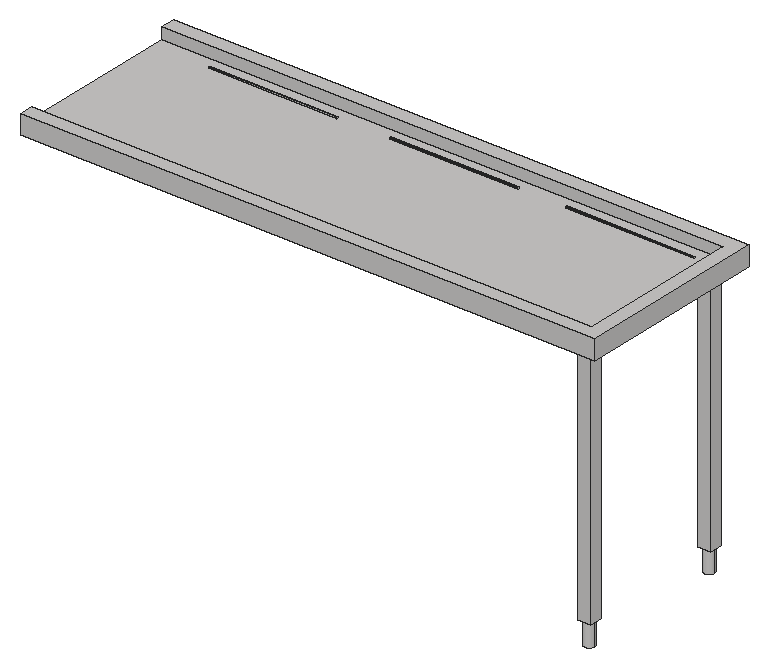
Revit family "QF_ZANUSSI_865304_BHHLU18", category Attrezzature speciali, Revit 2020
Family settings
  Quota connettore circolare = Usa diametro
  Tipo di parte = Normale
  Basato su piano di lavoro = No
  Sempre verticale = Sì
  Taglio con vuoti quando caricato = No
  Condiviso = No
  Punto di calcolo locali = No
Parameters (values of type "Standard")
  Weight = 18.00 kg
  Watts = 0 W
  Volts = 0 V
  URL Manufacturer = "http://www.zanussiprofessional.com"
  URL = "http://www.zanussiprofessional.com"
  Steam Supply Size = 0 mm
  Steam Supply Minimum Pressure = 0.0 Pa
  Steam Supply Maximum Pressure = 0.0 Pa
  Steam Consumption per Hour = 0
  Refrigeration Suction Line Size = 0 mm
  Refrigeration Liquid Line Size = 0 mm
  Refrigerant Compressor Remote = yes
  Prospetto di default = 0 mm
  Produttore = "Zanussi"
  Phase = 0
  Modello = "BHHLU18"
  Length Actual = 1800 mm  # constant formula
  Item Number = "865304"
  Hot Water Size = 0 mm
  Height Actual = 910 mm  # constant formula
  HP = "0 HP"
  Gas Size = 0 mm
  Gas KW = 0
  Gas Input Pressure = 0 W
  Direct Waste Size = 0 mm
  Descrizione = "DW TABLE UNLOADING&LOAD.1800MM-HOOD TYPE"
  Depth Actual = 600 mm  # constant formula
  Cycle = 0 Hz
  Condensate Return Size = 0 mm
  Compressed Air Volume = 0.0 L/s
  Compressed Air Size = 0 mm
  Compressed Air Pressure = 0.0 Pa
  Cold Water Size = 0 mm
  Accessory = yes
Reference planes
  plane 1 "Back": y = 0
  plane 2: z = 0
  plane 3 "Left": x = 0
Forms (mm)
  Extrusion 1, solid, material "QF_Finishes_Stainless Steel"
    sketch origin (0, 0, 704.604) x (1, 0, 0) y (0, 1, 0)
      loop
        line (0, 0) -> (0, -600) -> (1800, -600) -> (1800, 0) -> (0, 0)
    from 145.396 to 205.396
  Extrusion 2, void
    sketch origin (1000, 0, 0.958) x (1, 0, 0) y (0, 1, 0)
      loop
        line (-1000, -45) -> (-1000, -555) -> (755, -555) -> (755, -45) -> (-1000, -45)
    from 874.042 to 909.042
  Extrusion 3, solid, material "QF_Finishes_Stainless Steel"
    sketch origin (1020, 0, 150) x (1, 0, 0) y (0, 1, 0)
      loop
        line (730, -45) -> (690, -45) -> (690, -85) -> (730, -85) -> (730, -45)
    from -80 to 700
  Extrusion 4, solid, material "QF_Finishes_Stainless Steel"
    sketch origin (1020, -470, 129.575) x (1, 0, 0) y (0, 1, 0)
      loop
        line (730, -45) -> (690, -45) -> (690, -85) -> (730, -85) -> (730, -45)
    from -59.575 to 720.425
  Extrusion 5, solid, material "QF_Finishes_Stainless Steel"
    sketch origin (1020, 0, 0) x (1, 0, 0) y (0, 1, 0)
      loop
        circle (710, -65) r 16
    from 0 to 70
  Extrusion 6, solid, material "QF_Finishes_Stainless Steel"
    sketch origin (1020, -470, 0) x (1, 0, 0) y (0, 1, 0)
      loop
        circle (710, -65) r 16
    from 0 to 70
  Extrusion 7, solid, material "QF_Finishes_Stainless Steel"
    sketch origin (32.954, 0, 0) x (1, 0, 0) y (0, 1, 0)
      loop
        line (147.046, -80.302) -> (147.046, -85.302) -> (547.046, -85.302) -> (547.046, -80.302) -> (147.046, -80.302)
    from 875 to 878
  Extrusion 8, solid, material "QF_Finishes_Stainless Steel"
    sketch origin (32.954, -600, 0) x (1, 0, 0) y (0, 1, 0)
      loop
        line (147.046, 80.302) -> (547.046, 80.302) -> (547.046, 85.302) -> (147.046, 85.302) -> (147.046, 80.302)
    from 875 to 878
  Extrusion 9, solid, material "QF_Finishes_Stainless Steel"
    sketch origin (1292.697, 0, 0) x (-1, 0, 0) y (0, -1, 0)
      loop
        line (147.046, 80.302) -> (547.046, 80.302) -> (547.046, 85.302) -> (147.046, 85.302) -> (147.046, 80.302)
    from 875 to 878
  Extrusion 10, solid, material "QF_Finishes_Stainless Steel"
    sketch origin (1292.697, -600, 0) x (-1, 0, 0) y (0, -1, 0)
      loop
        line (147.046, -80.302) -> (147.046, -85.302) -> (547.046, -85.302) -> (547.046, -80.302) -> (147.046, -80.302)
    from 875 to 878
  Extrusion 11, solid, material "QF_Finishes_Stainless Steel"
    sketch origin (1150.128, 0, 0) x (1, 0, 0) y (0, 1, 0)
      loop
        line (147.046, -80.302) -> (147.046, -85.302) -> (547.046, -85.302) -> (547.046, -80.302) -> (147.046, -80.302)
    from 875 to 878
  Extrusion 12, solid, material "QF_Finishes_Stainless Steel"
    sketch origin (1150.128, -600, 0) x (1, 0, 0) y (0, 1, 0)
      loop
        line (147.046, 80.302) -> (547.046, 80.302) -> (547.046, 85.302) -> (147.046, 85.302) -> (147.046, 80.302)
    from 875 to 878
Cuts and joins
  Extrusion 2 cuts Extrusion 1
Dimensions and locks
  Extrusion 1 to Extrusion 1 = 60 mm
  equal spacing: Extrusion 1, Extrusion 2 sketch curve, Extrusion 2 sketch curve, Extrusion 1
  equal spacing: Extrusion 1, Extrusion 2 sketch curve, Extrusion 1
  Extrusion 2 to Extrusion 2 = 35 mm
  Extrusion 2 to level = 910 mm
  Extrusion 2 to Extrusion 1 = 1800 mm
  Extrusion 1 to Extrusion 1 = 600 mm
  aligned and locked: level to plane 2
